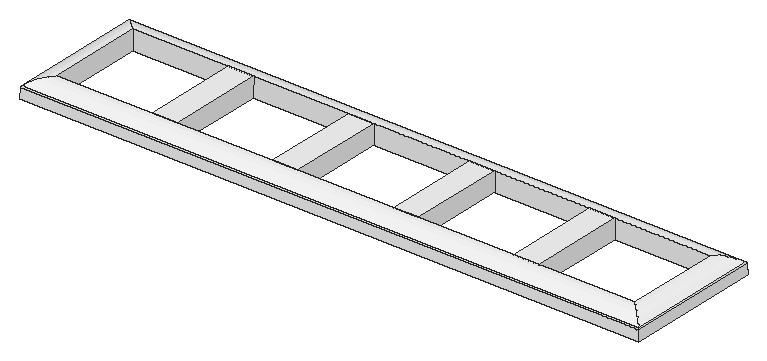
Revit family "Gira_021501", category Electrical Fixtures, host Face, Revit 2017
Family settings
  Host = Face
  Maintain Annotation Orientation = No
  Round Connector Dimension = Use Diameter
  Part Type = Normal
  Cut with Voids When Loaded = No
  Shared = No
  Room Calculation Point = No
Parameters (values of type "Cov.fr. 5-g Standard 55 cr.white")
  With mounting grid = "No"
  With hinged lid = "No"
  URL = "http://katalog.gira.de/en/datenblatt.html?artikelnr=021501"
  Type of fastening = "Clamp mounting"
  Transparent = "No"
  Surface protection = "Other"
  Surface finishing = "Glossy"
  Suitable for wall duct = "No"
  Suitable for flush-mounted installation = "Yes"
  Suitable for floor box = "No"
  Suitable for built-in installation = "No"
  RAL-number (akin) = "1013"
  Number of units vertical = "5"
  Number of units horizontal = "5"
  Number of units = "5"
  Name = "Cov.fr. 5-g Standard 55 cr.white"
  Mounting direction = "Horizontal and vertical"
  Material quality = "Thermoplastic"
  Material = "Plastic"
  Manufacturer URL = "https://www.gira.de/"
  Manufacturer = "Gira"
  Label space/information surface = "No"
  Keynote = ""
  HeinzeBIM = "https://bimportal.heinze.de/bim/cov-fr-5-g-standard-55-cr-white/15cee2c8862254aca9ab0166b3456d2c95b9fd6f"
  Halogen free = "Yes"
  HAN = "021501"
  GTIN = "4010337215011"
  Description = "Cov.fr.5g Std55 CW,Gira Standard 55 cover frame,cream white glossy,5-gang,Features:,- Shatter-proof.,,Notes :,- Also suitable for duct installation.,- In connection with the seal kit, frame (1-gang to 5-gang) is also suitable for installation as water-protected flush-mounted IP44."
  Degree of protection (IP) = "IP20"
  Default Elevation = 1219.2 mm
  Data sheet (1) = "https://katalog.gira.de/en/download.html?artikelnr=021501"
  Colour = "Cream white (electro white)"
  Category = "Cover frame for domestic switching devices"
  BIM (1) = "https://media.stage.bim.site/public/gira/36a6b08/Std55_Rahmen_5fach.rfa"
  Available = "No"
Reference planes
  plane 1 "Center (Front/Back)": y = 0
  plane 2: z = 0
  plane 3 "Center (Left/Right)": x = 0
  plane 4: x = -40.3
  plane 5: x = 40.3
  plane 6: y = 183
  plane 7: y = -183
  plane 8: y = 35.7
  plane 9: y = -35.7
  plane 10: y = 107
  plane 11: y = -107
Forms (mm)
  Sweep 1, solid, material "White", detail levels fine
    path origin (0, 0, 0) x (0, -1, 0) y (1, 0, 0)
      loop
        line (40.3, 183) -> (-40.3, 183) -> (-40.3, -183) -> (40.3, -183) -> (40.3, 183)
    profile origin (183, 0, 0) x (-1, 0, 0) y (0, 0, 1)
      loop
        arc (12.22, 11.373) -> (5.983, 10.294) -> (0.641, 6.901) r 16.145
        arc (0.641, 6.901) -> (0.395, 6.426) -> (0.309, 5.898) r 1.694
        line (0.309, 5.898) -> (0, 0) -> (12.319, 0) -> (12.22, 11.373)
  Extrusion 2, solid, material "White", detail levels fine
    sketch origin (-107, 0, 0) x (1, 0, 0) y (0, 0, 1)
      loop
        line (7.4, 0) -> (7.4, 11.373) -> (-7.4, 11.373) -> (-7.4, 0) -> (7.4, 0)
    from -28.08 to 28.08
  Extrusion 3, solid, material "White", detail levels fine
    sketch origin (107, 0, 0) x (1, 0, 0) y (0, 0, 1)
      loop
        line (7.4, 0) -> (7.4, 11.373) -> (-7.4, 11.373) -> (-7.4, 0) -> (7.4, 0)
    from -28.08 to 28.08
  Extrusion 4, solid, material "White", detail levels fine
    sketch origin (35.7, 0, 0) x (1, 0, 0) y (0, 0, 1)
      loop
        line (7.4, 0) -> (7.4, 11.373) -> (-7.4, 11.373) -> (-7.4, 0) -> (7.4, 0)
    from -28.08 to 28.08
  Extrusion 5, solid, material "White", detail levels fine
    sketch origin (-35.7, 0, 0) x (1, 0, 0) y (0, 0, 1)
      loop
        line (7.4, 0) -> (7.4, 11.373) -> (-7.4, 11.373) -> (-7.4, 0) -> (7.4, 0)
    from -28.08 to 28.08
  Extrusion 6, solid, material "White", detail levels coarse+medium
    sketch origin (0, 0, 0) x (0, -1, 0) y (1, 0, 0)
      loop
        line (-39.659, 182.359) -> (-39.659, -182.365) -> (39.665, -182.365) -> (39.665, 182.359) -> (-39.659, 182.359)
    from 0 to 11.373
Dimensions and locks
  aligned and locked: plane 2 to host face
  aligned and locked: level to host face
